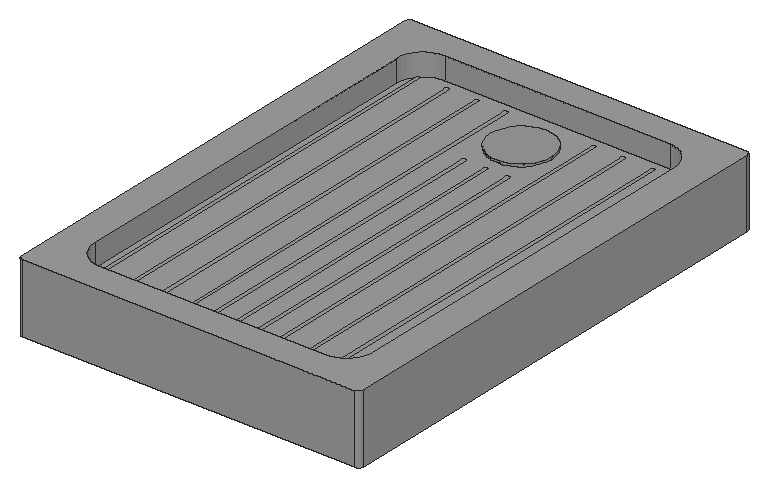
Revit family "RECEPTACULO ZEN 1000X700", category Plumbing Fixtures, Revit 2019
Family settings
  Round Connector Dimension = Use Diameter
  Part Type = Normal
  OmniClass Number = 23.45.00.00
  OmniClass Title = Sanitary, Laundry, and Cleaning Equipment
  Work Plane-Based = No
  Always vertical = Yes
  Cut with Voids When Loaded = No
  Shared = No
  Room Calculation Point = No
Reference planes
  plane 1 "Center (Front/Back)": y = 0
  plane 2: z = 0
  plane 3 "Center (Left/Right)": x = 0
Forms (mm)
  Extrusion 1, solid
    sketch origin (0, 0, 0) x (1, 0, 0) y (0, 1, 0)
      loop
        line (7.893, -142.5) -> (687.893, -142.5)
        arc (687.893, -142.5) -> (694.964, -139.571) -> (697.893, -132.5) r 10
        line (697.893, -132.5) -> (697.893, 847.5)
        arc (697.893, 847.5) -> (694.964, 854.571) -> (687.893, 857.5) r 10
        line (687.893, 857.5) -> (7.893, 857.5)
        arc (7.893, 857.5) -> (0.822, 854.571) -> (-2.107, 847.5) r 10
        line (-2.107, 847.5) -> (-2.107, -132.5)
        arc (-2.107, -132.5) -> (0.822, -139.571) -> (7.893, -142.5) r 10
    from 0 to 140
  Extrusion 2, void
    sketch origin (0, 0, 0) x (1, 0, 0) y (0, 1, 0)
      loop
        line (577.893, 799.224) -> (118.069, 799.224)
        arc (118.069, 799.224) -> (79.178, 783.114) -> (63.069, 744.224) r 55
        line (63.069, 744.224) -> (63.069, -27.5)
        arc (63.069, -27.5) -> (79.178, -66.391) -> (118.069, -82.5) r 55
        line (118.069, -82.5) -> (577.893, -82.5)
        arc (577.893, -82.5) -> (616.784, -66.391) -> (632.893, -27.5) r 55
        line (632.893, -27.5) -> (632.893, 744.224)
        arc (632.893, 744.224) -> (616.784, 783.114) -> (577.893, 799.224) r 55
    from 95 to 140
  Extrusion 3, solid
    sketch origin (0, 180, 0) x (1, 0, 0) y (0, 1, 0)
      loop
        circle (350, 525) r 62.5
    from 95 to 98.923
  Extrusion 4, solid
    sketch origin (0.049, 0, -15.528) x (1, 0, 0) y (0, 0, 1)
      loop
        arc (82.789, 110.528) -> (79.122, 112.128) -> (75.456, 110.528) r 5
        line (75.456, 110.528) -> (82.789, 110.528)
      loop
        line (135.456, 110.528) -> (142.789, 110.528)
        arc (142.789, 110.528) -> (139.122, 112.128) -> (135.456, 110.528) r 5
      loop
        line (195.456, 110.528) -> (202.789, 110.528)
        arc (202.789, 110.528) -> (199.122, 112.128) -> (195.456, 110.528) r 5
      loop
        line (255.456, 110.528) -> (262.789, 110.528)
        arc (262.789, 110.528) -> (259.122, 112.128) -> (255.456, 110.528) r 5
      loop
        line (435.456, 110.528) -> (442.789, 110.528)
        arc (442.789, 110.528) -> (439.122, 112.128) -> (435.456, 110.528) r 5
      loop
        line (495.456, 110.528) -> (502.789, 110.528)
        arc (502.789, 110.528) -> (499.122, 112.128) -> (495.456, 110.528) r 5
      loop
        line (555.456, 110.528) -> (562.789, 110.528)
        arc (562.789, 110.528) -> (559.122, 112.128) -> (555.456, 110.528) r 5
      loop
        line (615.456, 110.528) -> (622.789, 110.528)
        arc (622.789, 110.528) -> (619.122, 112.128) -> (615.456, 110.528) r 5
    from -779.889 to 27.482
  Extrusion 5, solid
    sketch origin (0.243, 0, -15.528) x (1, 0, 0) y (0, 0, 1)
      loop
        line (345.456, 110.528) -> (352.789, 110.528)
        arc (352.789, 110.528) -> (349.122, 112.128) -> (345.456, 110.528) r 5
      loop
        line (300.456, 110.528) -> (307.789, 110.528)
        arc (307.789, 110.528) -> (304.122, 112.128) -> (300.456, 110.528) r 5
      loop
        line (390.456, 110.528) -> (397.789, 110.528)
        arc (397.789, 110.528) -> (394.122, 112.128) -> (390.456, 110.528) r 5
    from -616.191 to 27.482
Cuts and joins
  Extrusion 2 cuts Extrusion 1
Dimensions and locks
  aligned and locked: level to plane 2
